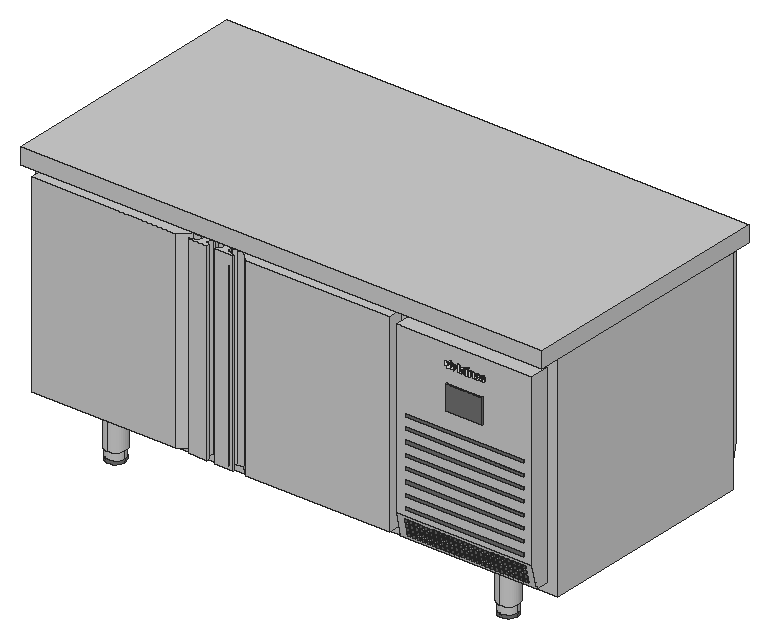
Revit family "QF_INFRICO_MR1620PDC_250813021441", category Specialty Equipment, Revit 2021
Family settings
  Round Connector Dimension = Use Diameter
  Part Type = Normal
  OmniClass Number = 23.40.40.14
  OmniClass Title = Food Service Equipment
  Work Plane-Based = No
  Always vertical = Yes
  Cut with Voids When Loaded = No
  Shared = No
  Room Calculation Point = No
Parameters (values of type "MR1620PDC-R290")
  Weight [instance] = 168.999 kg
  Waste Water Discharge Temperature [instance] = 0 °C
  Waste Remarks [instance] = ""
  Warranty Start Date [instance] = ""
  Warranty Duration [instance] = ""
  Volts [instance] = 230 V
  Volt Free Conn [instance] = no
  URL Recommended Spares List [instance] = ""
  URL Manufacturer [instance] = ""
  URL Cutsheet [instance] = ""
  URL Critical Spares List [instance] = ""
  URL = "www.infrico.com"
  Technical Documentation [instance] = ""
  Tag Number [instance] = ""
  Status [instance] = ""
  Start Up Current [instance] = 0 A
  Specification by User [instance] = ""
  Specification by Manufacturer [instance] = ""
  Sound Level [instance] = ""
  Show Logo [instance] = yes
  Show Clearances [instance] = yes
  Service Life Duration [instance] = ""
  Serial Number [instance] = ""
  Seismic Rating [instance] = ""
  SMACNA No [instance] = ""
  Revision Code [instance] = ""
  Revision [instance] = ""
  Production Year [instance] = ""
  Potential Equalisation [instance] = no
  Point Load [instance] = 0
  Plumbing Connection Type [instance] = ""
  Phase [instance] = 1
  Other Equipment Approvals [instance] = ""
  Operational Current [instance] = 0 A
  Number of Poles [instance] = 2
  No Load Power Draw [instance] = no
  NAFEM Spec ID Number [instance] = ""
  Model Warning [instance] = ""
  Model = "MR1620PDC"
  Min Ckt Ampacity [instance] = 0 A
  Max Overcurrent Protection [instance] = 0 A
  Masterspec [instance] = ""
  Manufacturer = "INFRICO"
  Main switch integrated [instance] = no
  Length Actual [instance] = 1617.98 mm
  Item Number [instance] = ""
  Installed By [instance] = ""
  Installation Date [instance] = ""
  Indirect Waste Size [instance] = 19.05 mm
  Indirect Waste Remarks [instance] = ""
  Indirect Waste Flow [instance] = 0.0 L/s
  Indirect Waste Connection Type [instance] = ""
  Indirect Waste Connection Height [instance] = 0 mm
  Identify Quantity as Lot [instance] = no
  ID [instance] = ""
  Hygiene Approval [instance] = ""
  Height Actual [instance] = 849.884 mm
  HP power [instance] = ""
  Furnished By [instance] = ""
  Foodservice Equipment Identifier [instance] = no
  FL Amps [instance] = 0 A
  Electrical Remarks [instance] = ""
  Electric power [instance] = 370 W
  Electric Connection Type [instance] = ""
  Elec Conn RI Height [instance] = 0 mm
  Elec Conn Connection Height [instance] = 0 mm
  ETL Approved [instance] = no
  Direct Waste Water Discharge Temperature [instance] = -273.15 °C
  Direct Waste Size [instance] = 19.05 mm
  Direct Waste RI Height [instance] = 0 mm
  Direct Waste Flow [instance] = 0.0 L/s
  Direct Waste Connection Height [instance] = 0 mm
  Description = "EURONORM 600X400 PASS THRU COUNTER REFRIGERATOR  800 SERIES - R290"
  Depth Actual [instance] = 800.1 mm
  Default Elevation = 0 mm
  Cycle [instance] = 50 Hz
  Cost = 0
  Connection to energy optimisation system [instance] = yes
  Conn Plug [instance] = ""
  Conn Conduit [instance] = no
  Centralized building control system with digital interface [instance] = ""
  CSI MasterFormat [instance] = ""
  CE Approved [instance] = no
  Barcode [instance] = 0
  Author [instance] = ""
  Asset Identifier [instance] = ""
  Apparent Power [instance] = 370 VA
  Accessory [instance] = no
Reference planes
  plane 1 "Center (Front/Back)": y = 0
  plane 2: z = 0
  plane 3 "Center (Left/Right)": x = 0
Forms (mm)
  Extrusion 1, solid, not visible
    sketch origin (615.03, -113.006, 142.007) x (1, 0, 0) y (0, 1, 0)
      loop
        line (-2, 2) -> (-2, -2) -> (2, -2) -> (2, 2) -> (-2, 2)
    from -2 to 2
  Extrusion 2, solid, not visible
    sketch origin (1456.071, -60.003, 142.007) x (1, 0, 0) y (0, 1, 0)
      loop
        line (-2, 2) -> (-2, -2) -> (2, -2) -> (2, 2) -> (-2, 2)
    from -2 to 2
Dimensions and locks
  locked: nested 2 to Extrusion 1 at 2  (x2)
  locked: nested 3 to Extrusion 2 at 2  (x2)
  aligned and locked: level to plane 2
Nested families
  nested 1: "QF_INFRICO_MR1620PDC_2920" at (0, 0, 140), type "MR1620PDC-R290"
    with Weight 168.999 kg, Warranty Start Date "", Warranty Duration "", URL Cutsheet "", Technical Documentation "", Tag Number "", Status "", Specification by User "", Specification by Manufacturer "", Sound Level "", Solid Fuel Type "", Show Logo yes, Show Clearances yes, Show Clearance yes, Service Life Duration "", Serial Number "", Seismic Rating "", SMACNA No "", Revision Code "", Revision "", Production Year "", Point Load 0, Other Equipment Approvals "", NAFEM Spec ID Number "", Model Warning "", Masterspec "", Length Actual 1617.98 mm, Item Number "", Installed By "", Installation Date "", Identify Quantity as Lot yes, ID "", Hygiene Approval "", Height Actual 849.884 mm, Furnished By "", Foodservice Equipment Identifier yes, ETL Approved yes, Depth Actual 800.1 mm, CSI MasterFormat "", CE Approved no, Barcode "", Author "", Asset Identifier "", Accessory no
  nested 2: "CONN_POINT_DRAIN_2D___Generic_Annotation" at (615.03, -113.006, 140.007), type "CONN_POINT_DRAIN_2D___Generic_Annotation"
    with Onboard connection annotation symbol visibility yes
  nested 3: "CONN_POINT_ELE_2D___Generic_Annotation" at (1456.071, -60.003, 140.007), type "CONN_POINT_ELE_2D___Generic_Annotation"
    with Onboard connection annotation symbol visibility yes
  nested 4: "QF_INFRICO_MR_DOOR_SX_5000" at (22, -738, 168), type "MR_DOOR_SX"
    with Weight 0.00 kg, Warranty Start Date "", Warranty Duration "", URL Cutsheet "", Technical Documentation "", Tag Number "", Status "", Specification by User "", Specification by Manufacturer "", Sound Level "", Solid Fuel Type "", Show Logo yes, Show Clearances yes, Show Clearance yes, Service Life Duration "", Serial Number "", Seismic Rating "", SMACNA No "", Revision Code "", Revision "", Production Year "", Point Load 0, Other Equipment Approvals "", NAFEM Spec ID Number "", Model Warning "", Masterspec "", Length Actual 542.036 mm, Item Number "", Installed By "", Installation Date "", Identify Quantity as Lot yes, ID "", Hygiene Approval "", Height Actual 596.9 mm, Furnished By "", Foodservice Equipment Identifier yes, ETL Approved yes, Depth Actual 54.102 mm, CSI MasterFormat "", CE Approved no, Barcode "", Author "", Asset Identifier "", Accessory yes
  nested 5: "QF_INFRICO_MR_DOOR_DX_5781" at (589, -738, 168), type "MR_DOOR_DX"
    with Weight 0.00 kg, Warranty Start Date "", Warranty Duration "", URL Cutsheet "", Technical Documentation "", Tag Number "", Status "", Specification by User "", Specification by Manufacturer "", Sound Level "", Solid Fuel Type "", Show Logo yes, Show Clearances yes, Show Clearance yes, Service Life Duration "", Serial Number "", Seismic Rating "", SMACNA No "", Revision Code "", Revision "", Production Year "", Point Load 0, Other Equipment Approvals "", NAFEM Spec ID Number "", Model Warning "", Masterspec "", Length Actual 542.036 mm, Item Number "", Installed By "", Installation Date "", Identify Quantity as Lot yes, ID "", Hygiene Approval "", Height Actual 596.9 mm, Furnished By "", Foodservice Equipment Identifier yes, ETL Approved yes, Depth Actual 54.102 mm, CSI MasterFormat "", CE Approved no, Barcode "", Author "", Asset Identifier "", Accessory yes
  nested 6: "QF_INFRICO_MRPDC_DOOR_SX_6558" at (22, -18, 168), type "MRPDC_DOOR_SX"
    with Weight 0.00 kg, Warranty Start Date "", Warranty Duration "", URL Cutsheet "", Technical Documentation "", Tag Number "", Status "", Specification by User "", Specification by Manufacturer "", Sound Level "", Solid Fuel Type "", Show Logo yes, Show Clearances yes, Show Clearance yes, Service Life Duration "", Serial Number "", Seismic Rating "", SMACNA No "", Revision Code "", Revision "", Production Year "", Point Load 0, Other Equipment Approvals "", NAFEM Spec ID Number "", Model Warning "", Masterspec "", Length Actual 542.036 mm, Item Number "", Installed By "", Installation Date "", Identify Quantity as Lot yes, ID "", Hygiene Approval "", Height Actual 596.9 mm, Furnished By "", Foodservice Equipment Identifier yes, ETL Approved yes, Depth Actual 54.102 mm, CSI MasterFormat "", CE Approved no, Barcode "", Author "", Asset Identifier "", Accessory yes
  nested 7: "QF_INFRICO_MRPDC_DOOR_DX_7335" at (589, -18, 168), type "MRPDC_DOOR_DX"
    with Weight 0.00 kg, Warranty Start Date "", Warranty Duration "", URL Cutsheet "", Technical Documentation "", Tag Number "", Status "", Specification by User "", Specification by Manufacturer "", Sound Level "", Solid Fuel Type "", Show Logo yes, Show Clearances yes, Show Clearance yes, Service Life Duration "", Serial Number "", Seismic Rating "", SMACNA No "", Revision Code "", Revision "", Production Year "", Point Load 0, Other Equipment Approvals "", NAFEM Spec ID Number "", Model Warning "", Masterspec "", Length Actual 542.036 mm, Item Number "", Installed By "", Installation Date "", Identify Quantity as Lot yes, ID "", Hygiene Approval "", Height Actual 596.9 mm, Furnished By "", Foodservice Equipment Identifier yes, ETL Approved yes, Depth Actual 54.102 mm, CSI MasterFormat "", CE Approved no, Barcode "", Author "", Asset Identifier "", Accessory yes
  nested 8: "QF_INFRICO_WORKTOP_8112" at (0, 0, 800), type "ENC12SPMR16"
    with Weight 0.00 kg, Warranty Start Date "", Warranty Duration "", URL Cutsheet "", Technical Documentation "", Tag Number "", Status "", Specification by User "", Specification by Manufacturer "", Sound Level "", Solid Fuel Type "", Show Logo yes, Show Clearances yes, Show Clearance yes, Service Life Duration "", Serial Number "", Seismic Rating "", SMACNA No "", Revision Code "", Revision "", Production Year "", Point Load 0, Other Equipment Approvals "", NAFEM Spec ID Number "", Model Warning "", Masterspec "", Length Actual 1617.98 mm, Item Number "", Installed By "", Installation Date "", Identify Quantity as Lot yes, ID "", Hygiene Approval "", Height Actual 50.038 mm, Furnished By "", Foodservice Equipment Identifier yes, ETL Approved yes, Depth Actual 800.1 mm, CSI MasterFormat "", CE Approved no, Barcode "", Author "", Asset Identifier "", Accessory yes
  nested 9: "QF_INFRICO_LEGS_8956" at (0, -62, 0), type "LEGS_1610_740"
    with Weight 0.00 kg, Warranty Start Date "", Warranty Duration "", URL Cutsheet "", Technical Documentation "", Tag Number "", Status "", Specification by User "", Specification by Manufacturer "", Sound Level "", Solid Fuel Type "", Show Logo yes, Show Clearances yes, Show Clearance yes, Service Life Duration "", Serial Number "", Seismic Rating "", SMACNA No "", Revision Code "", Revision "", Production Year "", Point Load 0, Other Equipment Approvals "", NAFEM Spec ID Number "", Model Warning "", Masterspec "", Length Actual 1617.98 mm, Item Number "", Installed By "", Installation Date "", Identify Quantity as Lot yes, ID "", Hygiene Approval "", Height Actual 139.954 mm, Furnished By "", Foodservice Equipment Identifier yes, ETL Approved yes, Depth Actual 738.124 mm, CSI MasterFormat "", CE Approved no, Barcode "", Author "", Asset Identifier "", Accessory yes
Connectors
  piping at (615.03, -113.006, 140.007), diameter 19.05, driven by "Indirect Waste Size", driven by "Direct Waste Flow"
    settings: on Extrusion 1, index 1, connector inside diameter 609.6 mm, connector length 0 mm, flow factor 0, pipe flow 0.0 L/s, pressure drop 0.0 Pa, fitting loss kfactor 0, connector angle 0.00°, fixture units 0, engagement length 0 mm, angle of deflection 0.00°, flow configuration 1, flow direction 2, fitting loss method 0, system type 16, joint type 0, gender type 0, connector reference index -1, connector utility 0, adjustable connector no, is connector primary yes, connector description "Waste connection for MR1620PDC"
  electrical at (1456.071, -60.003, 140.007), driven by "Apparent Power", driven by "Number of Poles", driven by "Volts"
    settings: on Extrusion 2, index 2, voltage 230 V, apparent load 0 VA, apparent load phase1 370 VA, apparent load phase2 0 VA, apparent load phase3 0 VA, power factor 1, load classification "Other", number of poles 2, system type 31, power factor state 1, is connector primary yes, connector utility no, sub classification motor no, connector description "Electrical connection for MR1620PDC"
Definition of nested family "QF_INFRICO_MR1620PDC_2920"
  Parameters (values of type "MR1620PDCR-R290")
    Weight [instance] = 0.00 kg
    Warranty Start Date [instance] = ""
    Warranty Duration [instance] = ""
    URL Cutsheet [instance] = ""
    URL = "www.infrico.com"
    Technical Documentation [instance] = ""
    Tag Number [instance] = ""
    Status [instance] = ""
    Specification by User [instance] = ""
    Specification by Manufacturer [instance] = ""
    Sound Level [instance] = ""
    Solid Fuel Type [instance] = ""
    Show Logo [instance] = yes
    Show Clearances [instance] = yes
    Show Clearance [instance] = yes
    Service Life Duration [instance] = ""
    Serial Number [instance] = ""
    Seismic Rating [instance] = ""
    SMACNA No [instance] = ""
    Revision Code [instance] = ""
    Revision [instance] = ""
    Production Year [instance] = ""
    Point Load [instance] = 0
    Other Equipment Approvals [instance] = ""
    NAFEM Spec ID Number [instance] = ""
    Model Warning [instance] = ""
    Model = "MR1620PDCR"
    Masterspec [instance] = ""
    Manufacturer = "INFRICO"
    Length Actual [instance] = 0 mm
    Item Number [instance] = ""
    Installed By [instance] = ""
    Installation Date [instance] = ""
    Identify Quantity as Lot [instance] = yes
    ID [instance] = ""
    Hygiene Approval [instance] = ""
    Height Actual [instance] = 0 mm
    Furnished By [instance] = ""
    Foodservice Equipment Identifier [instance] = yes
    ETL Approved [instance] = yes
    Description = "EURONORM 600X400 PASS THRU COUNTER REFRIGERATOR  800 SERIES - R290"
    Depth Actual [instance] = 0 mm
    Default Elevation = 0 mm
    CSI MasterFormat [instance] = ""
    CE Approved [instance] = yes
    Barcode [instance] = ""
    Author [instance] = ""
    Asset Identifier [instance] = ""
    Assembly Code = "E1090320"
    Accessory [instance] = yes
  Types (4, lengths in mm): name | Model | Description
    MR1620PDC | "MR1620PDC" | "EURONORM 600X400 PASS THRU COUNTER REFRIGERATOR  800 SERIES - R134A"
    MR1620PDCR | "MR1620PDCR" | "EURONORM 600X400 PASS THRU COUNTER REFRIGERATOR  800 SERIES - R134A"
    MR1620PDC-R290 | "MR1620PDC" | "EURONORM 600X400 PASS THRU COUNTER REFRIGERATOR  800 SERIES - R290"
    MR1620PDCR-R290 | "MR1620PDCR" | "EURONORM 600X400 PASS THRU COUNTER REFRIGERATOR  800 SERIES - R290"
  Reference planes
    plane 1 "Back": y = 0
    plane 2: z = 0
    plane 3 "Left": x = 0
    plane 4 "Right": x = 1618
    plane 5 "Front": y = -800
    plane 6 "Top": z = 660
  Forms (mm)
    Extrusion 1, solid
      sketch origin (150, -100, -140) x (0, 1, 0) y (0, 0, 1)
        loop
          line (-638.02, 765.292) -> (-695.03, 765.292) -> (-695.03, 238.436) -> (-678.769, 168) -> (-638.02, 168) -> (-638.02, 765.292)
      from 1013.993 to 1433.993
    Extrusion 2, solid
      sketch origin (-1850, -793.13, -140) x (1, 0, 0) y (0, 0, 1)
        loop
          line (3408.016, 523.949) -> (3040.73, 523.949) -> (3040.73, 514.949) -> (3408.016, 514.949) -> (3408.016, 523.949)
        loop
          line (3408.016, 486.949) -> (3040.73, 486.949) -> (3040.73, 477.949) -> (3408.016, 477.949) -> (3408.016, 486.949)
        loop
          line (3408.016, 449.949) -> (3040.73, 449.949) -> (3040.73, 440.949) -> (3408.016, 440.949) -> (3408.016, 449.949)
        loop
          line (3408.016, 412.949) -> (3040.73, 412.949) -> (3040.73, 403.949) -> (3408.016, 403.949) -> (3408.016, 412.949)
        loop
          line (3408.016, 375.949) -> (3040.73, 375.949) -> (3040.73, 366.949) -> (3408.016, 366.949) -> (3408.016, 375.949)
        loop
          line (3408.016, 338.949) -> (3040.73, 338.949) -> (3040.73, 329.949) -> (3408.016, 329.949) -> (3408.016, 338.949)
        loop
          line (3408.016, 301.949) -> (3040.73, 301.949) -> (3040.73, 292.949) -> (3408.016, 292.949) -> (3408.016, 301.949)
        loop
          line (3408.016, 264.949) -> (3040.73, 264.949) -> (3040.73, 255.949) -> (3408.016, 255.949) -> (3408.016, 264.949)
      from 0 to 2
    Extrusion 3, solid
      sketch origin (-1850, -739.263, -134.673) x (1, 0, 0) y (0, -0.224951, 0.97437)
        loop
          line (3036.73, 215.974) -> (3036.73, 205.974) -> (3046.73, 205.974) -> (3046.73, 215.974) -> (3036.73, 215.974)
        loop
          line (3036.73, 230.769) -> (3036.73, 220.769) -> (3046.73, 220.769) -> (3046.73, 230.769) -> (3036.73, 230.769)
        loop
          line (3036.73, 186.385) -> (3036.73, 176.385) -> (3046.73, 176.385) -> (3046.73, 186.385) -> (3036.73, 186.385)
        loop
          line (3036.73, 201.179) -> (3036.73, 191.179) -> (3046.73, 191.179) -> (3046.73, 201.179) -> (3036.73, 201.179)
        loop
          line (3051.938, 215.974) -> (3051.938, 205.974) -> (3061.938, 205.974) -> (3061.938, 215.974) -> (3051.938, 215.974)
        loop
          line (3051.938, 230.769) -> (3051.938, 220.769) -> (3061.938, 220.769) -> (3061.938, 230.769) -> (3051.938, 230.769)
        loop
          line (3051.938, 186.385) -> (3051.938, 176.385) -> (3061.938, 176.385) -> (3061.938, 186.385) -> (3051.938, 186.385)
        loop
          line (3051.938, 201.179) -> (3051.938, 191.179) -> (3061.938, 191.179) -> (3061.938, 201.179) -> (3051.938, 201.179)
        loop
          line (3067.147, 215.974) -> (3067.147, 205.974) -> (3077.147, 205.974) -> (3077.147, 215.974) -> (3067.147, 215.974)
        loop
          line (3067.147, 230.769) -> (3067.147, 220.769) -> (3077.147, 220.769) -> (3077.147, 230.769) -> (3067.147, 230.769)
        loop
          line (3067.147, 186.385) -> (3067.147, 176.385) -> (3077.147, 176.385) -> (3077.147, 186.385) -> (3067.147, 186.385)
        loop
          line (3067.147, 201.179) -> (3067.147, 191.179) -> (3077.147, 191.179) -> (3077.147, 201.179) -> (3067.147, 201.179)
        loop
          line (3082.355, 215.974) -> (3082.355, 205.974) -> (3092.355, 205.974) -> (3092.355, 215.974) -> (3082.355, 215.974)
        loop
          line (3082.355, 230.769) -> (3082.355, 220.769) -> (3092.355, 220.769) -> (3092.355, 230.769) -> (3082.355, 230.769)
        loop
          line (3082.355, 186.385) -> (3082.355, 176.385) -> (3092.355, 176.385) -> (3092.355, 186.385) -> (3082.355, 186.385)
        loop
          line (3082.355, 201.179) -> (3082.355, 191.179) -> (3092.355, 191.179) -> (3092.355, 201.179) -> (3082.355, 201.179)
        loop
          line (3097.563, 215.974) -> (3097.563, 205.974) -> (3107.563, 205.974) -> (3107.563, 215.974) -> (3097.563, 215.974)
        loop
          line (3097.563, 230.769) -> (3097.563, 220.769) -> (3107.563, 220.769) -> (3107.563, 230.769) -> (3097.563, 230.769)
        loop
          line (3097.563, 186.385) -> (3097.563, 176.385) -> (3107.563, 176.385) -> (3107.563, 186.385) -> (3097.563, 186.385)
        loop
          line (3097.563, 201.179) -> (3097.563, 191.179) -> (3107.563, 191.179) -> (3107.563, 201.179) -> (3097.563, 201.179)
        loop
          line (3112.772, 215.974) -> (3112.772, 205.974) -> (3122.772, 205.974) -> (3122.772, 215.974) -> (3112.772, 215.974)
        loop
          line (3112.772, 230.769) -> (3112.772, 220.769) -> (3122.772, 220.769) -> (3122.772, 230.769) -> (3112.772, 230.769)
        loop
          line (3112.772, 186.385) -> (3112.772, 176.385) -> (3122.772, 176.385) -> (3122.772, 186.385) -> (3112.772, 186.385)
        loop
          line (3112.772, 201.179) -> (3112.772, 191.179) -> (3122.772, 191.179) -> (3122.772, 201.179) -> (3112.772, 201.179)
        loop
          line (3127.98, 215.974) -> (3127.98, 205.974) -> (3137.98, 205.974) -> (3137.98, 215.974) -> (3127.98, 215.974)
        loop
          line (3127.98, 230.769) -> (3127.98, 220.769) -> (3137.98, 220.769) -> (3137.98, 230.769) -> (3127.98, 230.769)
        loop
          line (3127.98, 186.385) -> (3127.98, 176.385) -> (3137.98, 176.385) -> (3137.98, 186.385) -> (3127.98, 186.385)
        loop
          line (3127.98, 201.179) -> (3127.98, 191.179) -> (3137.98, 191.179) -> (3137.98, 201.179) -> (3127.98, 201.179)
        loop
          line (3143.188, 215.974) -> (3143.188, 205.974) -> (3153.188, 205.974) -> (3153.188, 215.974) -> (3143.188, 215.974)
        loop
          line (3143.188, 230.769) -> (3143.188, 220.769) -> (3153.188, 220.769) -> (3153.188, 230.769) -> (3143.188, 230.769)
        loop
          line (3143.188, 186.385) -> (3143.188, 176.385) -> (3153.188, 176.385) -> (3153.188, 186.385) -> (3143.188, 186.385)
        loop
          line (3143.188, 201.179) -> (3143.188, 191.179) -> (3153.188, 191.179) -> (3153.188, 201.179) -> (3143.188, 201.179)
        loop
          line (3158.397, 215.974) -> (3158.397, 205.974) -> (3168.397, 205.974) -> (3168.397, 215.974) -> (3158.397, 215.974)
        loop
          line (3158.397, 230.769) -> (3158.397, 220.769) -> (3168.397, 220.769) -> (3168.397, 230.769) -> (3158.397, 230.769)
        loop
          line (3158.397, 186.385) -> (3158.397, 176.385) -> (3168.397, 176.385) -> (3168.397, 186.385) -> (3158.397, 186.385)
        loop
          line (3158.397, 201.179) -> (3158.397, 191.179) -> (3168.397, 191.179) -> (3168.397, 201.179) -> (3158.397, 201.179)
        loop
          line (3173.605, 215.974) -> (3173.605, 205.974) -> (3183.605, 205.974) -> (3183.605, 215.974) -> (3173.605, 215.974)
        loop
          line (3173.605, 230.769) -> (3173.605, 220.769) -> (3183.605, 220.769) -> (3183.605, 230.769) -> (3173.605, 230.769)
        loop
          line (3173.605, 186.385) -> (3173.605, 176.385) -> (3183.605, 176.385) -> (3183.605, 186.385) -> (3173.605, 186.385)
        loop
          line (3173.605, 201.179) -> (3173.605, 191.179) -> (3183.605, 191.179) -> (3183.605, 201.179) -> (3173.605, 201.179)
        loop
          line (3188.813, 215.974) -> (3188.813, 205.974) -> (3198.813, 205.974) -> (3198.813, 215.974) -> (3188.813, 215.974)
        loop
          line (3188.813, 230.769) -> (3188.813, 220.769) -> (3198.813, 220.769) -> (3198.813, 230.769) -> (3188.813, 230.769)
        loop
          line (3188.813, 186.385) -> (3188.813, 176.385) -> (3198.813, 176.385) -> (3198.813, 186.385) -> (3188.813, 186.385)
        loop
          line (3188.813, 201.179) -> (3188.813, 191.179) -> (3198.813, 191.179) -> (3198.813, 201.179) -> (3188.813, 201.179)
        loop
          line (3204.022, 215.974) -> (3204.022, 205.974) -> (3214.022, 205.974) -> (3214.022, 215.974) -> (3204.022, 215.974)
        loop
          line (3204.022, 230.769) -> (3204.022, 220.769) -> (3214.022, 220.769) -> (3214.022, 230.769) -> (3204.022, 230.769)
        loop
          line (3204.022, 186.385) -> (3204.022, 176.385) -> (3214.022, 176.385) -> (3214.022, 186.385) -> (3204.022, 186.385)
        loop
          line (3204.022, 201.179) -> (3204.022, 191.179) -> (3214.022, 191.179) -> (3214.022, 201.179) -> (3204.022, 201.179)
        loop
          line (3219.23, 215.974) -> (3219.23, 205.974) -> (3229.23, 205.974) -> (3229.23, 215.974) -> (3219.23, 215.974)
        loop
          line (3219.23, 230.769) -> (3219.23, 220.769) -> (3229.23, 220.769) -> (3229.23, 230.769) -> (3219.23, 230.769)
        loop
          line (3219.23, 186.385) -> (3219.23, 176.385) -> (3229.23, 176.385) -> (3229.23, 186.385) -> (3219.23, 186.385)
        loop
          line (3219.23, 201.179) -> (3219.23, 191.179) -> (3229.23, 191.179) -> (3229.23, 201.179) -> (3219.23, 201.179)
        loop
          line (3234.438, 215.974) -> (3234.438, 205.974) -> (3244.438, 205.974) -> (3244.438, 215.974) -> (3234.438, 215.974)
        loop
          line (3234.438, 230.769) -> (3234.438, 220.769) -> (3244.438, 220.769) -> (3244.438, 230.769) -> (3234.438, 230.769)
        loop
          line (3234.438, 186.385) -> (3234.438, 176.385) -> (3244.438, 176.385) -> (3244.438, 186.385) -> (3234.438, 186.385)
        loop
          line (3234.438, 201.179) -> (3234.438, 191.179) -> (3244.438, 191.179) -> (3244.438, 201.179) -> (3234.438, 201.179)
        loop
          line (3249.647, 215.974) -> (3249.647, 205.974) -> (3259.647, 205.974) -> (3259.647, 215.974) -> (3249.647, 215.974)
        loop
          line (3249.647, 230.769) -> (3249.647, 220.769) -> (3259.647, 220.769) -> (3259.647, 230.769) -> (3249.647, 230.769)
        loop
          line (3249.647, 186.385) -> (3249.647, 176.385) -> (3259.647, 176.385) -> (3259.647, 186.385) -> (3249.647, 186.385)
        loop
          line (3249.647, 201.179) -> (3249.647, 191.179) -> (3259.647, 191.179) -> (3259.647, 201.179) -> (3249.647, 201.179)
        loop
          line (3264.855, 215.974) -> (3264.855, 205.974) -> (3274.855, 205.974) -> (3274.855, 215.974) -> (3264.855, 215.974)
        loop
          line (3264.855, 230.769) -> (3264.855, 220.769) -> (3274.855, 220.769) -> (3274.855, 230.769) -> (3264.855, 230.769)
        loop
          line (3264.855, 186.385) -> (3264.855, 176.385) -> (3274.855, 176.385) -> (3274.855, 186.385) -> (3264.855, 186.385)
        loop
          line (3264.855, 201.179) -> (3264.855, 191.179) -> (3274.855, 191.179) -> (3274.855, 201.179) -> (3264.855, 201.179)
        loop
          line (3280.063, 215.974) -> (3280.063, 205.974) -> (3290.063, 205.974) -> (3290.063, 215.974) -> (3280.063, 215.974)
        loop
          line (3280.063, 230.769) -> (3280.063, 220.769) -> (3290.063, 220.769) -> (3290.063, 230.769) -> (3280.063, 230.769)
        loop
          line (3280.063, 186.385) -> (3280.063, 176.385) -> (3290.063, 176.385) -> (3290.063, 186.385) -> (3280.063, 186.385)
        loop
          line (3280.063, 201.179) -> (3280.063, 191.179) -> (3290.063, 191.179) -> (3290.063, 201.179) -> (3280.063, 201.179)
        loop
          line (3295.272, 215.974) -> (3295.272, 205.974) -> (3305.272, 205.974) -> (3305.272, 215.974) -> (3295.272, 215.974)
        loop
          line (3295.272, 230.769) -> (3295.272, 220.769) -> (3305.272, 220.769) -> (3305.272, 230.769) -> (3295.272, 230.769)
        loop
          line (3295.272, 186.385) -> (3295.272, 176.385) -> (3305.272, 176.385) -> (3305.272, 186.385) -> (3295.272, 186.385)
        loop
          line (3295.272, 201.179) -> (3295.272, 191.179) -> (3305.272, 191.179) -> (3305.272, 201.179) -> (3295.272, 201.179)
        loop
          line (3310.48, 215.974) -> (3310.48, 205.974) -> (3320.48, 205.974) -> (3320.48, 215.974) -> (3310.48, 215.974)
        loop
          line (3310.48, 230.769) -> (3310.48, 220.769) -> (3320.48, 220.769) -> (3320.48, 230.769) -> (3310.48, 230.769)
        loop
          line (3310.48, 186.385) -> (3310.48, 176.385) -> (3320.48, 176.385) -> (3320.48, 186.385) -> (3310.48, 186.385)
        loop
          line (3310.48, 201.179) -> (3310.48, 191.179) -> (3320.48, 191.179) -> (3320.48, 201.179) -> (3310.48, 201.179)
        loop
          line (3325.688, 215.974) -> (3325.688, 205.974) -> (3335.688, 205.974) -> (3335.688, 215.974) -> (3325.688, 215.974)
        loop
          line (3325.688, 230.769) -> (3325.688, 220.769) -> (3335.688, 220.769) -> (3335.688, 230.769) -> (3325.688, 230.769)
        loop
          line (3325.688, 186.385) -> (3325.688, 176.385) -> (3335.688, 176.385) -> (3335.688, 186.385) -> (3325.688, 186.385)
        loop
          line (3325.688, 201.179) -> (3325.688, 191.179) -> (3335.688, 191.179) -> (3335.688, 201.179) -> (3325.688, 201.179)
        loop
          line (3340.897, 215.974) -> (3340.897, 205.974) -> (3350.897, 205.974) -> (3350.897, 215.974) -> (3340.897, 215.974)
        loop
          line (3340.897, 230.769) -> (3340.897, 220.769) -> (3350.897, 220.769) -> (3350.897, 230.769) -> (3340.897, 230.769)
        loop
          line (3340.897, 186.385) -> (3340.897, 176.385) -> (3350.897, 176.385) -> (3350.897, 186.385) -> (3340.897, 186.385)
        loop
          line (3340.897, 201.179) -> (3340.897, 191.179) -> (3350.897, 191.179) -> (3350.897, 201.179) -> (3340.897, 201.179)
        loop
          line (3356.105, 215.974) -> (3356.105, 205.974) -> (3366.105, 205.974) -> (3366.105, 215.974) -> (3356.105, 215.974)
        loop
          line (3356.105, 230.769) -> (3356.105, 220.769) -> (3366.105, 220.769) -> (3366.105, 230.769) -> (3356.105, 230.769)
        loop
          line (3356.105, 186.385) -> (3356.105, 176.385) -> (3366.105, 176.385) -> (3366.105, 186.385) -> (3356.105, 186.385)
        loop
          line (3356.105, 201.179) -> (3356.105, 191.179) -> (3366.105, 191.179) -> (3366.105, 201.179) -> (3356.105, 201.179)
        loop
          line (3371.313, 215.974) -> (3371.313, 205.974) -> (3381.313, 205.974) -> (3381.313, 215.974) -> (3371.313, 215.974)
        loop
          line (3371.313, 230.769) -> (3371.313, 220.769) -> (3381.313, 220.769) -> (3381.313, 230.769) -> (3371.313, 230.769)
        loop
          line (3371.313, 186.385) -> (3371.313, 176.385) -> (3381.313, 176.385) -> (3381.313, 186.385) -> (3371.313, 186.385)
        loop
          line (3371.313, 201.179) -> (3371.313, 191.179) -> (3381.313, 191.179) -> (3381.313, 201.179) -> (3371.313, 201.179)
        loop
          line (3386.522, 215.974) -> (3386.522, 205.974) -> (3396.522, 205.974) -> (3396.522, 215.974) -> (3386.522, 215.974)
        loop
          line (3386.522, 230.769) -> (3386.522, 220.769) -> (3396.522, 220.769) -> (3396.522, 230.769) -> (3386.522, 230.769)
        loop
          line (3386.522, 186.385) -> (3386.522, 176.385) -> (3396.522, 176.385) -> (3396.522, 186.385) -> (3386.522, 186.385)
        loop
          line (3386.522, 201.179) -> (3386.522, 191.179) -> (3396.522, 191.179) -> (3396.522, 201.179) -> (3386.522, 201.179)
        loop
          line (3401.73, 215.974) -> (3401.73, 205.974) -> (3411.73, 205.974) -> (3411.73, 215.974) -> (3401.73, 215.974)
        loop
          line (3401.73, 230.769) -> (3401.73, 220.769) -> (3411.73, 220.769) -> (3411.73, 230.769) -> (3401.73, 230.769)
        loop
          line (3401.73, 186.385) -> (3401.73, 176.385) -> (3411.73, 176.385) -> (3411.73, 186.385) -> (3401.73, 186.385)
        loop
          line (3401.73, 201.179) -> (3401.73, 191.179) -> (3411.73, 191.179) -> (3411.73, 201.179) -> (3401.73, 201.179)
      from 0 to 2
    Extrusion 4, solid, visible <- "Show Logo"
      sketch origin (149.014, -793.13, -140) x (1, 0, 0) y (0, 0, 1)
        loop
          line (1208.799, 696.53) -> (1208.799, 719.204) -> (1204.173, 719.204) -> (1204.173, 696.53) -> (1208.799, 696.53)
        loop
          line (1214.779, 713.006) -> (1211.283, 713.006) -> (1211.283, 696.53) -> (1215.772, 696.53) -> (1215.772, 707.832)
          arc (1215.772, 707.832) -> (1217.528, 708.741) -> (1219.417, 709.324) r 11.052
          arc (1219.417, 709.324) -> (1220.929, 708.961) -> (1221.598, 707.557) r 1.806
          line (1221.598, 707.557) -> (1221.598, 696.53) -> (1226.121, 696.53) -> (1226.121, 708.689)
          arc (1226.121, 708.689) -> (1224.637, 712.075) -> (1221.141, 713.281) r 4.607
          arc (1221.141, 713.281) -> (1218.282, 712.674) -> (1215.669, 711.361) r 11.435
          line (1215.669, 711.361) -> (1215.601, 712.184)
          arc (1215.601, 712.184) -> (1215.36, 712.765) -> (1214.779, 713.006) r 0.822
        loop
          line (1238.557, 720.102) -> (1237.306, 720.102)
          arc (1237.306, 720.102) -> (1235.052, 719.926) -> (1232.881, 719.297) r 11.103
          arc (1232.881, 719.297) -> (1230.805, 717.616) -> (1230.024, 715.062) r 4.567
          line (1230.024, 715.062) -> (1230.024, 712.909) -> (1227.351, 712.703) -> (1227.351, 709.374) -> (1230.024, 709.374) -> (1230.024, 696.53) -> (1234.547, 696.53) -> (1234.547, 709.374) -> (1238.249, 709.374) -> (1238.249, 712.938) -> (1234.547, 712.938) -> (1234.547, 714.548)
          arc (1234.547, 714.548) -> (1234.956, 715.705) -> (1236.045, 716.271) r 1.67
          line (1236.045, 716.271) -> (1237.7, 716.399)
          arc (1237.7, 716.399) -> (1238.306, 716.65) -> (1238.557, 717.255) r 0.857
          line (1238.557, 717.255) -> (1238.557, 720.102)
        loop
          line (1239.479, 713.006) -> (1239.479, 696.53) -> (1243.968, 696.53) -> (1243.968, 707.352)
          arc (1243.968, 707.352) -> (1245.873, 708.631) -> (1248.077, 709.268) r 7.435
          line (1248.077, 709.268) -> (1249.241, 709.416)
          arc (1249.241, 709.416) -> (1249.643, 709.758) -> (1249.793, 710.265) r 0.928
          line (1249.793, 710.265) -> (1249.793, 712.458)
          arc (1249.793, 712.458) -> (1249.531, 713.061) -> (1248.912, 713.28) r 0.824
          arc (1248.912, 713.28) -> (1246.197, 712.588) -> (1243.899, 710.984) r 7.833
          line (1243.899, 710.984) -> (1243.726, 713.006) -> (1239.479, 713.006)
        loop
          line (1255.495, 696.53) -> (1255.495, 713.006) -> (1251.006, 713.006) -> (1251.006, 696.53) -> (1255.495, 696.53)
        loop
          arc (1257.421, 701.327) -> (1258.567, 698.188) -> (1261.466, 696.525) r 4.873
          arc (1261.466, 696.525) -> (1264.493, 696.266) -> (1267.521, 696.525) r 17.816
          arc (1267.521, 696.525) -> (1270.575, 699.134) -> (1271.505, 703.041) r 6.481
          line (1271.505, 703.041) -> (1267.187, 703.041) -> (1267.187, 701.67)
          arc (1267.187, 701.67) -> (1266.64, 700.452) -> (1265.442, 699.865) r 1.965
          arc (1265.442, 699.865) -> (1264.547, 699.816) -> (1263.653, 699.865) r 8.196
          arc (1263.653, 699.865) -> (1262.417, 700.415) -> (1261.91, 701.67) r 1.806
          line (1261.91, 701.67) -> (1261.91, 707.9)
          arc (1261.91, 707.9) -> (1262.417, 709.155) -> (1263.653, 709.705) r 1.806
          arc (1263.653, 709.705) -> (1264.547, 709.754) -> (1265.442, 709.705) r 8.196
          arc (1265.442, 709.705) -> (1266.64, 709.118) -> (1267.187, 707.9) r 1.965
          line (1267.187, 707.9) -> (1267.187, 706.838) -> (1271.505, 706.838)
          arc (1271.505, 706.838) -> (1270.524, 710.556) -> (1267.521, 712.959) r 6.132
          arc (1267.521, 712.959) -> (1264.493, 713.294) -> (1261.466, 712.959) r 13.851
          arc (1261.466, 712.959) -> (1258.571, 711.349) -> (1257.421, 708.243) r 4.772
          line (1257.421, 708.243) -> (1257.421, 701.327)
        loop
          arc (1272.916, 701.329) -> (1273.993, 698.345) -> (1276.726, 696.734) r 4.676
          arc (1276.726, 696.734) -> (1278.515, 696.455) -> (1280.318, 696.291) r 28.371
          arc (1280.318, 696.291) -> (1282.122, 696.455) -> (1283.911, 696.734) r 28.371
          arc (1283.911, 696.734) -> (1286.644, 698.345) -> (1287.72, 701.329) r 4.676
          line (1287.72, 701.329) -> (1287.72, 708.242)
          arc (1287.72, 708.242) -> (1286.644, 711.226) -> (1283.911, 712.837) r 4.676
          arc (1283.911, 712.837) -> (1282.122, 713.116) -> (1280.318, 713.28) r 28.371
          arc (1280.318, 713.28) -> (1278.515, 713.116) -> (1276.726, 712.837) r 28.371
          arc (1276.726, 712.837) -> (1273.993, 711.226) -> (1272.916, 708.242) r 4.676
          line (1272.916, 708.242) -> (1272.916, 701.329)
        loop
          line (1277.405, 707.866) -> (1277.405, 701.705)
          arc (1277.405, 701.705) -> (1277.844, 700.556) -> (1278.936, 699.991) r 1.725
          arc (1278.936, 699.991) -> (1279.627, 699.918) -> (1280.318, 699.856) r 46.133
          arc (1280.318, 699.856) -> (1281.01, 699.918) -> (1281.701, 699.991) r 46.133
          arc (1281.701, 699.991) -> (1282.793, 700.556) -> (1283.231, 701.705) r 1.725
          line (1283.231, 701.705) -> (1283.231, 707.866)
          arc (1283.231, 707.866) -> (1282.793, 709.015) -> (1281.701, 709.58) r 1.725
          arc (1281.701, 709.58) -> (1281.01, 709.653) -> (1280.318, 709.716) r 46.133
          arc (1280.318, 709.716) -> (1279.627, 709.653) -> (1278.936, 709.58) r 46.133
          arc (1278.936, 709.58) -> (1277.844, 709.015) -> (1277.405, 707.866) r 1.725
        loop
          arc (1190.339, 696.543) -> (1191.411, 696.987) -> (1191.856, 698.059) r 1.516
          line (1191.856, 698.059) -> (1191.856, 703.891) -> (1196.035, 703.891)
          arc (1196.035, 703.891) -> (1196.79, 704.121) -> (1197.218, 704.782) r 1.147
          line (1197.218, 704.782) -> (1197.218, 706.211)
          arc (1197.218, 706.211) -> (1196.787, 707.258) -> (1195.719, 707.634) r 1.385
          line (1195.719, 707.634) -> (1194.52, 707.634) -> (1197.218, 710.332)
          arc (1197.218, 710.332) -> (1197.605, 711.266) -> (1197.218, 712.2) r 1.321
          line (1197.218, 712.2) -> (1196.495, 712.923)
          arc (1196.495, 712.923) -> (1195.54, 713.338) -> (1194.558, 712.991) r 1.422
          line (1194.558, 712.991) -> (1191.853, 710.286) -> (1191.853, 711.479)
          arc (1191.853, 711.479) -> (1191.443, 712.516) -> (1190.435, 712.992) r 1.516
          line (1190.435, 712.992) -> (1189.514, 712.992)
          arc (1189.514, 712.992) -> (1188.511, 712.514) -> (1188.103, 711.479) r 1.516
          line (1188.103, 711.479) -> (1188.103, 706.83) -> (1182.073, 701.336) -> (1182.073, 707.509) -> (1185.639, 711.075)
          arc (1185.639, 711.075) -> (1186.053, 712.073) -> (1185.639, 713.071) r 1.412
          line (1185.639, 713.071) -> (1184.987, 713.723)
          arc (1184.987, 713.723) -> (1183.939, 714.141) -> (1182.915, 713.667) r 1.428
          line (1182.915, 713.667) -> (1182.073, 712.825) -> (1182.073, 717.784)
          arc (1182.073, 717.784) -> (1181.658, 718.787) -> (1180.655, 719.203) r 1.418
          line (1180.655, 719.203) -> (1179.726, 719.203)
          arc (1179.726, 719.203) -> (1178.723, 718.787) -> (1178.308, 717.784) r 1.418
          line (1178.308, 717.784) -> (1178.308, 712.825) -> (1177.466, 713.667)
          arc (1177.466, 713.667) -> (1176.442, 714.141) -> (1175.394, 713.723) r 1.428
          line (1175.394, 713.723) -> (1174.742, 713.071)
          arc (1174.742, 713.071) -> (1174.328, 712.073) -> (1174.742, 711.075) r 1.412
          line (1174.742, 711.075) -> (1178.308, 707.509) -> (1178.308, 701.336) -> (1172.278, 706.83) -> (1172.278, 711.479)
          arc (1172.278, 711.479) -> (1171.87, 712.514) -> (1170.867, 712.992) r 1.516
          line (1170.867, 712.992) -> (1169.946, 712.992)
          arc (1169.946, 712.992) -> (1168.938, 712.516) -> (1168.528, 711.479) r 1.516
          line (1168.528, 711.479) -> (1168.528, 710.286) -> (1165.823, 712.991)
          arc (1165.823, 712.991) -> (1164.841, 713.338) -> (1163.886, 712.923) r 1.422
          line (1163.886, 712.923) -> (1163.163, 712.2)
          arc (1163.163, 712.2) -> (1162.776, 711.266) -> (1163.163, 710.332) r 1.321
          line (1163.163, 710.332) -> (1165.861, 707.634) -> (1164.662, 707.634)
          arc (1164.662, 707.634) -> (1163.594, 707.258) -> (1163.163, 706.211) r 1.385
          line (1163.163, 706.211) -> (1163.163, 704.782)
          arc (1163.163, 704.782) -> (1163.591, 704.121) -> (1164.346, 703.891) r 1.147
          line (1164.346, 703.891) -> (1168.525, 703.891) -> (1168.525, 698.059)
          arc (1168.525, 698.059) -> (1168.969, 696.987) -> (1170.042, 696.543) r 1.516
          line (1170.042, 696.543) -> (1190.339, 696.543)
      from 0 to 2
    Extrusion 5, solid
      sketch origin (149.014, -100, -140) x (1, 0, 0) y (0, 0, 1)
        loop
          line (1169.616, 654.3) -> (1169.616, 577.9) -> (1281.216, 577.9) -> (1281.216, 654.3) -> (1169.616, 654.3)
      from 695.03 to 698.23
    Extrusion 6, solid
      sketch origin (1051.5, -3.5, 0) x (1, 0, 0) y (0, 1, 0)
        loop
          circle (504.5, -118.5) r 12.7
      from -5 to 0
    Extrusion 7, solid
      sketch origin (75, -63, 0) x (1, 0, 0) y (0, 1, 0)
        loop
          circle (540, -112) r 9.525
      from -5 to 0
    Extrusion 8, solid
      sketch origin (0, 0, 0) x (1, 0, 0) y (0, 1, 0)
        loop
          line (0, -738.02) -> (1618, -738.02) -> (1618, -62) -> (0, -62) -> (0, -738.02)
        loop
          line (60, -122) -> (60, -678.02) -> (1558, -678.02) -> (1558, -122) -> (60, -122)
      from 0 to 660
    Extrusion 9, solid
      sketch origin (0, 0, 0) x (1, 0, 0) y (0, 0, 1)
        loop
          line (60, 0) -> (1558, 0) -> (1558, 60) -> (60, 60) -> (60, 0)
      from 62 to 678.02
    Extrusion 10, void
      sketch origin (0, 0, 0) x (1, 0, 0) y (0, 0, 1)
        loop
          line (60, 600) -> (60, 60) -> (1095.993, 60) -> (1095.993, 600) -> (60, 600)
      from 62 to 738.02
    Extrusion 11, solid
      sketch origin (76, -100, 0) x (1, 0, 0) y (0, 1, 0)
        loop
          line (454, -638.02) -> (549, -638.02) -> (549, -628.02) -> (454, -628.02) -> (454, -638.02)
      from 60 to 600
    Extrusion 12, solid
      sketch origin (76, -700.02, 0) x (1, 0, 0) y (0, 1, 0)
        loop
          line (454, 638.02) -> (454, 628.02) -> (549, 628.02) -> (549, 638.02) -> (454, 638.02)
      from 60 to 600
    Extrusion 13, solid
      sketch origin (150, -700.02, -140) x (0, -1, 0) y (0, 0, -1)
        loop
          line (-638.02, -765.292) -> (-638.02, -168) -> (-678.769, -168) -> (-695.03, -238.436) -> (-695.03, -765.292) -> (-638.02, -765.292)
      from 1013.993 to 1433.993
    Extrusion 14, solid, visible <- "Show Logo"
      sketch origin (149.014, -6.89, -140) x (1, 0, 0) y (0, 0, -1)
        loop
          line (1242.084, -696.53) -> (1242.084, -719.204) -> (1246.71, -719.204) -> (1246.71, -696.53) -> (1242.084, -696.53)
        loop
          line (1236.105, -713.006) -> (1239.6, -713.006) -> (1239.6, -696.53) -> (1235.111, -696.53) -> (1235.111, -707.832)
          arc (1235.111, -707.832) -> (1233.356, -708.741) -> (1231.466, -709.324) r 11.052
          arc (1231.466, -709.324) -> (1229.955, -708.961) -> (1229.285, -707.557) r 1.806
          line (1229.285, -707.557) -> (1229.285, -696.53) -> (1224.762, -696.53) -> (1224.762, -708.689)
          arc (1224.762, -708.689) -> (1226.246, -712.075) -> (1229.742, -713.281) r 4.607
          arc (1229.742, -713.281) -> (1232.602, -712.674) -> (1235.214, -711.361) r 11.435
          line (1235.214, -711.361) -> (1235.282, -712.184)
          arc (1235.282, -712.184) -> (1235.523, -712.765) -> (1236.105, -713.006) r 0.822
        loop
          line (1212.326, -720.102) -> (1213.578, -720.102)
          arc (1213.578, -720.102) -> (1215.831, -719.926) -> (1218.003, -719.297) r 11.103
          arc (1218.003, -719.297) -> (1220.078, -717.616) -> (1220.859, -715.062) r 4.567
          line (1220.859, -715.062) -> (1220.859, -712.909) -> (1223.532, -712.703) -> (1223.532, -709.374) -> (1220.859, -709.374) -> (1220.859, -696.53) -> (1216.336, -696.53) -> (1216.336, -709.374) -> (1212.635, -709.374) -> (1212.635, -712.938) -> (1216.336, -712.938) -> (1216.336, -714.548)
          arc (1216.336, -714.548) -> (1215.927, -715.705) -> (1214.838, -716.271) r 1.67
          line (1214.838, -716.271) -> (1213.183, -716.399)
          arc (1213.183, -716.399) -> (1212.577, -716.65) -> (1212.326, -717.255) r 0.857
          line (1212.326, -717.255) -> (1212.326, -720.102)
        loop
          line (1211.405, -713.006) -> (1211.405, -696.53) -> (1206.915, -696.53) -> (1206.915, -707.352)
          arc (1206.915, -707.352) -> (1205.01, -708.631) -> (1202.806, -709.268) r 7.435
          line (1202.806, -709.268) -> (1201.642, -709.416)
          arc (1201.642, -709.416) -> (1201.24, -709.758) -> (1201.09, -710.265) r 0.928
          line (1201.09, -710.265) -> (1201.09, -712.458)
          arc (1201.09, -712.458) -> (1201.352, -713.061) -> (1201.971, -713.28) r 0.824
          arc (1201.971, -713.28) -> (1204.686, -712.588) -> (1206.984, -710.984) r 7.833
          line (1206.984, -710.984) -> (1207.157, -713.006) -> (1211.405, -713.006)
        loop
          line (1195.388, -696.53) -> (1195.388, -713.006) -> (1199.877, -713.006) -> (1199.877, -696.53) -> (1195.388, -696.53)
        loop
          arc (1193.462, -701.327) -> (1192.316, -698.188) -> (1189.418, -696.525) r 4.873
          arc (1189.418, -696.525) -> (1186.39, -696.266) -> (1183.362, -696.525) r 17.816
          arc (1183.362, -696.525) -> (1180.309, -699.134) -> (1179.378, -703.041) r 6.481
          line (1179.378, -703.041) -> (1183.696, -703.041) -> (1183.696, -701.67)
          arc (1183.696, -701.67) -> (1184.243, -700.452) -> (1185.441, -699.865) r 1.965
          arc (1185.441, -699.865) -> (1186.336, -699.816) -> (1187.23, -699.865) r 8.196
          arc (1187.23, -699.865) -> (1188.467, -700.415) -> (1188.973, -701.67) r 1.806
          line (1188.973, -701.67) -> (1188.973, -707.9)
          arc (1188.973, -707.9) -> (1188.467, -709.155) -> (1187.23, -709.705) r 1.806
          arc (1187.23, -709.705) -> (1186.336, -709.754) -> (1185.441, -709.705) r 8.196
          arc (1185.441, -709.705) -> (1184.243, -709.118) -> (1183.696, -707.9) r 1.965
          line (1183.696, -707.9) -> (1183.696, -706.838) -> (1179.378, -706.838)
          arc (1179.378, -706.838) -> (1180.36, -710.556) -> (1183.362, -712.959) r 6.132
          arc (1183.362, -712.959) -> (1186.39, -713.294) -> (1189.418, -712.959) r 13.851
          arc (1189.418, -712.959) -> (1192.313, -711.349) -> (1193.462, -708.243) r 4.772
          line (1193.462, -708.243) -> (1193.462, -701.327)
        loop
          arc (1177.967, -701.329) -> (1176.891, -698.345) -> (1174.158, -696.734) r 4.676
          arc (1174.158, -696.734) -> (1172.368, -696.455) -> (1170.565, -696.291) r 28.371
          arc (1170.565, -696.291) -> (1168.762, -696.455) -> (1166.972, -696.734) r 28.371
          arc (1166.972, -696.734) -> (1164.239, -698.345) -> (1163.163, -701.329) r 4.676
          line (1163.163, -701.329) -> (1163.163, -708.242)
          arc (1163.163, -708.242) -> (1164.239, -711.226) -> (1166.972, -712.837) r 4.676
          arc (1166.972, -712.837) -> (1168.762, -713.116) -> (1170.565, -713.28) r 28.371
          arc (1170.565, -713.28) -> (1172.368, -713.116) -> (1174.158, -712.837) r 28.371
          arc (1174.158, -712.837) -> (1176.891, -711.226) -> (1177.967, -708.242) r 4.676
          line (1177.967, -708.242) -> (1177.967, -701.329)
        loop
          line (1173.478, -707.866) -> (1173.478, -701.705)
          arc (1173.478, -701.705) -> (1173.039, -700.556) -> (1171.947, -699.991) r 1.725
          arc (1171.947, -699.991) -> (1171.257, -699.918) -> (1170.565, -699.856) r 46.133
          arc (1170.565, -699.856) -> (1169.873, -699.918) -> (1169.182, -699.991) r 46.133
          arc (1169.182, -699.991) -> (1168.09, -700.556) -> (1167.652, -701.705) r 1.725
          line (1167.652, -701.705) -> (1167.652, -707.866)
          arc (1167.652, -707.866) -> (1168.09, -709.015) -> (1169.182, -709.58) r 1.725
          arc (1169.182, -709.58) -> (1169.873, -709.653) -> (1170.565, -709.716) r 46.133
          arc (1170.565, -709.716) -> (1171.257, -709.653) -> (1171.947, -709.58) r 46.133
          arc (1171.947, -709.58) -> (1173.039, -709.015) -> (1173.478, -707.866) r 1.725
        loop
          arc (1260.544, -696.543) -> (1259.472, -696.987) -> (1259.028, -698.059) r 1.516
          line (1259.028, -698.059) -> (1259.028, -703.891) -> (1254.848, -703.891)
          arc (1254.848, -703.891) -> (1254.094, -704.121) -> (1253.665, -704.782) r 1.147
          line (1253.665, -704.782) -> (1253.665, -706.211)
          arc (1253.665, -706.211) -> (1254.096, -707.258) -> (1255.165, -707.634) r 1.385
          line (1255.165, -707.634) -> (1256.363, -707.634) -> (1253.665, -710.332)
          arc (1253.665, -710.332) -> (1253.279, -711.266) -> (1253.665, -712.2) r 1.321
          line (1253.665, -712.2) -> (1254.388, -712.923)
          arc (1254.388, -712.923) -> (1255.343, -713.338) -> (1256.325, -712.991) r 1.422
          line (1256.325, -712.991) -> (1259.03, -710.286) -> (1259.03, -711.479)
          arc (1259.03, -711.479) -> (1259.44, -712.516) -> (1260.448, -712.992) r 1.516
          line (1260.448, -712.992) -> (1261.369, -712.992)
          arc (1261.369, -712.992) -> (1262.373, -712.514) -> (1262.78, -711.479) r 1.516
          line (1262.78, -711.479) -> (1262.78, -706.83) -> (1268.81, -701.336) -> (1268.81, -707.509) -> (1265.244, -711.075)
          arc (1265.244, -711.075) -> (1264.831, -712.073) -> (1265.244, -713.071) r 1.412
          line (1265.244, -713.071) -> (1265.896, -713.723)
          arc (1265.896, -713.723) -> (1266.944, -714.141) -> (1267.968, -713.667) r 1.428
          line (1267.968, -713.667) -> (1268.81, -712.825) -> (1268.81, -717.784)
          arc (1268.81, -717.784) -> (1269.225, -718.787) -> (1270.228, -719.203) r 1.418
          line (1270.228, -719.203) -> (1271.157, -719.203)
          arc (1271.157, -719.203) -> (1272.16, -718.787) -> (1272.576, -717.784) r 1.418
          line (1272.576, -717.784) -> (1272.576, -712.825) -> (1273.417, -713.667)
          arc (1273.417, -713.667) -> (1274.441, -714.141) -> (1275.49, -713.723) r 1.428
          line (1275.49, -713.723) -> (1276.142, -713.071)
          arc (1276.142, -713.071) -> (1276.555, -712.073) -> (1276.142, -711.075) r 1.412
          line (1276.142, -711.075) -> (1272.576, -707.509) -> (1272.576, -701.336) -> (1278.605, -706.83) -> (1278.605, -711.479)
          arc (1278.605, -711.479) -> (1279.013, -712.514) -> (1280.016, -712.992) r 1.516
          line (1280.016, -712.992) -> (1280.938, -712.992)
          arc (1280.938, -712.992) -> (1281.946, -712.516) -> (1282.355, -711.479) r 1.516
          line (1282.355, -711.479) -> (1282.355, -710.286) -> (1285.061, -712.991)
          arc (1285.061, -712.991) -> (1286.043, -713.338) -> (1286.997, -712.923) r 1.422
          line (1286.997, -712.923) -> (1287.72, -712.2)
          arc (1287.72, -712.2) -> (1288.107, -711.266) -> (1287.72, -710.332) r 1.321
          line (1287.72, -710.332) -> (1285.022, -707.634) -> (1286.221, -707.634)
          arc (1286.221, -707.634) -> (1287.289, -707.258) -> (1287.72, -706.211) r 1.385
          line (1287.72, -706.211) -> (1287.72, -704.782)
          arc (1287.72, -704.782) -> (1287.292, -704.121) -> (1286.538, -703.891) r 1.147
          line (1286.538, -703.891) -> (1282.358, -703.891) -> (1282.358, -698.059)
          arc (1282.358, -698.059) -> (1281.914, -696.987) -> (1280.841, -696.543) r 1.516
          line (1280.841, -696.543) -> (1260.544, -696.543)
      from 0 to 2
  Cuts and joins
    Extrusion 10 cuts Extrusion 8
    Extrusion 10 cuts Extrusion 9
    joined: Extrusion 8, Extrusion 9
  Lines and regions (mm)
    symbolic lines, visible <- "Show Clearance"
      curve 1: line (1618, 0, 0) -> (0, 0, 0)
      curve 2: line (0, 0, 0) -> (0, -800, 0)
      curve 3: line (0, -800, 0) -> (1618, -800, 0)
      curve 4: line (1618, -800, 0) -> (1618, 0, 0)
  Dimensions and locks
    plane 4 "Right" to plane 3 "Left" = 1618 mm
    plane 6 "Top" to level = 660 mm
    plane 1 "Back" to plane 5 "Front" = 800 mm  (x2)
    plane 3 "Left" to plane 4 "Right" = 1618 mm
    aligned and locked: level to plane 2
  Connectors
    electrical at (1556, -122, -5)
      settings: on Extrusion 6, index 1, voltage 0 V, apparent load 0 VA, apparent load phase1 0 VA, apparent load phase2 0 VA, apparent load phase3 0 VA, power factor 1, load classification none, number of poles 1, system type 31, power factor state 1, is connector primary yes, connector utility no, sub classification motor no, connector description "Electrical collection"
    piping at (615, -175, -5), diameter 19.1
      settings: on Extrusion 7, index 2, connector inside diameter 609.6 mm, connector length 0 mm, flow factor 0, pipe flow 0.0 L/s, pressure drop 0.0 Pa, fitting loss kfactor 0, connector angle 0.00°, fixture units 0, engagement length 0 mm, angle of deflection 0.00°, flow configuration 1, flow direction 2, fitting loss method 0, system type 16, joint type 0, gender type 0, connector reference index -1, connector utility 0, adjustable connector no, is connector primary yes, connector description "Drain connection"
Definition of nested family "QF_INFRICO_MR_DOOR_SX_5000"
  Parameters (values of type "MR_DOOR_SX")
    Weight [instance] = 0.00 kg
    Warranty Start Date [instance] = ""
    Warranty Duration [instance] = ""
    URL Cutsheet [instance] = ""
    URL = "www.infrico.com"
    Technical Documentation [instance] = ""
    Tag Number [instance] = ""
    Status [instance] = ""
    Specification by User [instance] = ""
    Specification by Manufacturer [instance] = ""
    Sound Level [instance] = ""
    Solid Fuel Type [instance] = ""
    Show Logo [instance] = yes
    Show Clearances [instance] = yes
    Show Clearance [instance] = yes
    Service Life Duration [instance] = ""
    Serial Number [instance] = ""
    Seismic Rating [instance] = ""
    SMACNA No [instance] = ""
    Revision Code [instance] = ""
    Revision [instance] = ""
    Production Year [instance] = ""
    Point Load [instance] = 0
    Other Equipment Approvals [instance] = ""
    NAFEM Spec ID Number [instance] = ""
    Model Warning [instance] = ""
    Model = "MR_DOOR_SX"
    Masterspec [instance] = ""
    Manufacturer = "INFRICO"
    Length Actual [instance] = 0 mm
    Item Number [instance] = ""
    Installed By [instance] = ""
    Installation Date [instance] = ""
    Identify Quantity as Lot [instance] = yes
    ID [instance] = ""
    Hygiene Approval [instance] = ""
    Height Actual [instance] = 0 mm
    Furnished By [instance] = ""
    Foodservice Equipment Identifier [instance] = yes
    ETL Approved [instance] = yes
    Description = "LEFT DOOR"
    Depth Actual [instance] = 0 mm
    Default Elevation = 0 mm
    CSI MasterFormat [instance] = ""
    CE Approved [instance] = yes
    Barcode [instance] = ""
    Author [instance] = ""
    Asset Identifier [instance] = ""
    Assembly Code = "E1090320"
    Accessory [instance] = yes
  Reference planes
    plane 1 "Back": y = 0
    plane 2: z = 0
    plane 3 "Left": x = 0
    plane 4 "Right": x = 542
    plane 5 "Front": y = -44
    plane 6 "Top": z = 597
  Forms (mm)
    Extrusion 1, solid
      sketch origin (3056.326, 654.02, -168.61) x (-1, 0, 0) y (0, -1, 0)
        loop
          line (2610.426, 698.02) -> (2580.356, 667.95) -> (2557.604, 667.95) -> (2546.663, 670.881)
          arc (2546.663, 670.881) -> (2545.582, 671.631) -> (2545.222, 672.896) r 1.95
          line (2545.222, 672.896) -> (2545.566, 682.741)
          arc (2545.566, 682.741) -> (2545.774, 683.563) -> (2546.304, 684.224) r 2.001
          line (2546.304, 684.224) -> (2571.566, 694.947) -> (2571.566, 698.02) -> (2514.326, 698.02) -> (2514.326, 690.261) -> (2526.525, 683.218) -> (2521.592, 664.81) -> (2514.326, 664.81) -> (2514.326, 654.02) -> (3056.326, 654.02) -> (3056.326, 698.02) -> (2610.426, 698.02)
      from 168.61 to 765.61
    Extrusion 2, solid, visible <- "Show Clearance", detail levels coarse
      sketch origin (75, 0, 0) x (1, 0, 0) y (0, 1, 0)
        loop
          line (-75, -44) -> (-75, -467) -> (-31, -467)
          arc (-31, -467) -> (295.701, -346.977) -> (467, -44) r 504.649
          line (467, -44) -> (-75, -44)
      from 0 to 597
  Lines and regions (mm)
    symbolic lines
      curve 1: line (0, -467, 0) -> (0, -62, 0)
      curve 2: line (0, -467, 0) -> (44, -467, 0)
      curve 3: arc (44, -467, 0) -> (363.674, -352.837, 0) -> (538.713, -62, 0) r 504.649
  Dimensions and locks
    plane 4 "Right" to plane 3 "Left" = 542 mm
    plane 6 "Top" to level = 597 mm  (x2)
    plane 1 "Back" to plane 5 "Front" = 44 mm  (x2)
    plane 3 "Left" to plane 4 "Right" = 542 mm
    aligned and locked: level to plane 2
Definition of nested family "QF_INFRICO_MR_DOOR_DX_5781"
  Parameters (values of type "MR_DOOR_DX")
    Weight [instance] = 0.00 kg
    Warranty Start Date [instance] = ""
    Warranty Duration [instance] = ""
    URL Cutsheet [instance] = ""
    URL = "www.infrico.com"
    Technical Documentation [instance] = ""
    Tag Number [instance] = ""
    Status [instance] = ""
    Specification by User [instance] = ""
    Specification by Manufacturer [instance] = ""
    Sound Level [instance] = ""
    Solid Fuel Type [instance] = ""
    Show Logo [instance] = yes
    Show Clearances [instance] = yes
    Show Clearance [instance] = yes
    Service Life Duration [instance] = ""
    Serial Number [instance] = ""
    Seismic Rating [instance] = ""
    SMACNA No [instance] = ""
    Revision Code [instance] = ""
    Revision [instance] = ""
    Production Year [instance] = ""
    Point Load [instance] = 0
    Other Equipment Approvals [instance] = ""
    NAFEM Spec ID Number [instance] = ""
    Model Warning [instance] = ""
    Model = "MR_DOOR_DX"
    Masterspec [instance] = ""
    Manufacturer = "INFRICO"
    Length Actual [instance] = 0 mm
    Item Number [instance] = ""
    Installed By [instance] = ""
    Installation Date [instance] = ""
    Identify Quantity as Lot [instance] = yes
    ID [instance] = ""
    Hygiene Approval [instance] = ""
    Height Actual [instance] = 0 mm
    Furnished By [instance] = ""
    Foodservice Equipment Identifier [instance] = yes
    ETL Approved [instance] = yes
    Description = "RIGHT DOOR"
    Depth Actual [instance] = 0 mm
    Default Elevation = 0 mm
    CSI MasterFormat [instance] = ""
    CE Approved [instance] = yes
    Barcode [instance] = ""
    Author [instance] = ""
    Asset Identifier [instance] = ""
    Assembly Code = "E1090320"
    Accessory [instance] = yes
  Reference planes
    plane 1 "Back": y = 0
    plane 2: z = 0
    plane 3 "Left": x = 0
    plane 4 "Right": x = 542
    plane 5 "Front": y = -44
    plane 6 "Top": z = 597
  Forms (mm)
    Extrusion 1, solid
      sketch origin (-2514.326, 654.02, -168.61) x (1, 0, 0) y (0, 1, 0)
        loop
          line (2610.426, -698.02) -> (3056.326, -698.02) -> (3056.326, -654.02) -> (2514.326, -654.02) -> (2514.326, -664.81) -> (2521.592, -664.81) -> (2526.525, -683.218) -> (2514.326, -690.261) -> (2514.326, -698.02) -> (2571.566, -698.02) -> (2571.566, -694.947) -> (2546.304, -684.224)
          arc (2546.304, -684.224) -> (2545.774, -683.563) -> (2545.566, -682.741) r 2.001
          line (2545.566, -682.741) -> (2545.222, -672.896)
          arc (2545.222, -672.896) -> (2545.582, -671.631) -> (2546.663, -670.881) r 1.95
          line (2546.663, -670.881) -> (2557.604, -667.95) -> (2580.356, -667.95) -> (2610.426, -698.02)
      from 168.61 to 765.61
    Extrusion 2, solid, visible <- "Show Clearance", detail levels coarse
      sketch origin (467, 0, 0) x (-1, 0, 0) y (0, -1, 0)
        loop
          line (-75, 44) -> (467, 44)
          arc (467, 44) -> (295.701, 346.977) -> (-31, 467) r 504.649
          line (-31, 467) -> (-75, 467) -> (-75, 44)
      from 0 to 597
  Lines and regions (mm)
    symbolic lines
      curve 1: line (542, -467, 0) -> (542, -62, 0)
      curve 2: arc (3.287, -62, 0) -> (178.326, -352.837, 0) -> (498, -467, 0) r 504.649
      curve 3: line (498, -467, 0) -> (542, -467, 0)
  Dimensions and locks
    plane 4 "Right" to plane 3 "Left" = 542 mm
    plane 6 "Top" to level = 597 mm  (x2)
    plane 1 "Back" to plane 5 "Front" = 44 mm  (x2)
    plane 3 "Left" to plane 4 "Right" = 542 mm
    aligned and locked: level to plane 2
Definition of nested family "QF_INFRICO_MRPDC_DOOR_SX_6558"
  Parameters (values of type "MRPDC_DOOR_SX")
    Weight [instance] = 0.00 kg
    Warranty Start Date [instance] = ""
    Warranty Duration [instance] = ""
    URL Cutsheet [instance] = ""
    URL = "www.infrico.com"
    Technical Documentation [instance] = ""
    Tag Number [instance] = ""
    Status [instance] = ""
    Specification by User [instance] = ""
    Specification by Manufacturer [instance] = ""
    Sound Level [instance] = ""
    Solid Fuel Type [instance] = ""
    Show Logo [instance] = yes
    Show Clearances [instance] = yes
    Show Clearance [instance] = yes
    Service Life Duration [instance] = ""
    Serial Number [instance] = ""
    Seismic Rating [instance] = ""
    SMACNA No [instance] = ""
    Revision Code [instance] = ""
    Revision [instance] = ""
    Production Year [instance] = ""
    Point Load [instance] = 0
    Other Equipment Approvals [instance] = ""
    NAFEM Spec ID Number [instance] = ""
    Model Warning [instance] = ""
    Model = "MRPDC_DOOR_SX"
    Masterspec [instance] = ""
    Manufacturer = "INFRICO"
    Length Actual [instance] = 0 mm
    Item Number [instance] = ""
    Installed By [instance] = ""
    Installation Date [instance] = ""
    Identify Quantity as Lot [instance] = yes
    ID [instance] = ""
    Hygiene Approval [instance] = ""
    Height Actual [instance] = 0 mm
    Furnished By [instance] = ""
    Foodservice Equipment Identifier [instance] = yes
    ETL Approved [instance] = yes
    Description = "LEFT DOOR"
    Depth Actual [instance] = 0 mm
    Default Elevation = 0 mm
    CSI MasterFormat [instance] = ""
    CE Approved [instance] = yes
    Barcode [instance] = ""
    Author [instance] = ""
    Asset Identifier [instance] = ""
    Assembly Code = "E1090320"
    Accessory [instance] = yes
  Reference planes
    plane 1 "Back": y = 0
    plane 2: z = 0
    plane 3 "Left": x = 0
    plane 4 "Right": x = 542
    plane 5 "Front": y = -44
    plane 6 "Top": z = 597
